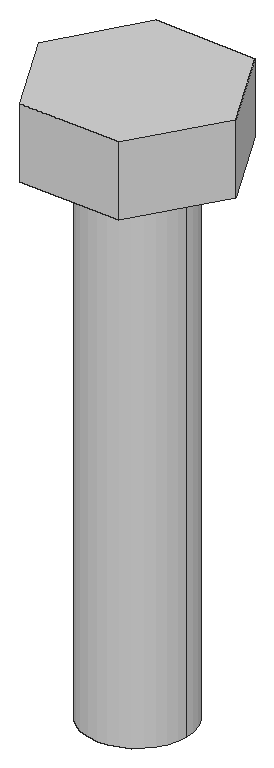
Revit family "HEXAGONAL SCREW M10x50 DIN933 8.8_9521592", category Generic Models, Revit 2018
Family settings
  Can host rebar = No
  Round Connector Dimension = Use Diameter
  Part Type = Normal
  OmniClass Number = 35.51.14.00
  OmniClass Title = FORMWORK
  Work Plane-Based = Yes
  Always vertical = No
  Cut with Voids When Loaded = No
  Shared = Yes
  Room Calculation Point = No
Parameters (values of type "HEXAGONAL SCREW M10x50 DIN933 8.8_9521592")
  VERSION = "20190101"  # constant formula
  URL = "www.ulmaconstruction.com/en"
  UNICLASS = ""
  Manufacturer = "ULMA CONSTRUCTION"  # constant formula
  ITEM_CODE = "9521592"
  FILTER [instance] = ""
  Default Elevation = 0.000 mm
  CLASSIFICATION_TITLE = ""
  CLASSIFICATION_NUMBER = ""
Reference planes
  plane 1 "Centro (Frontal/Posterior)": y = 0
  plane 2: z = 0
  plane 3 "Centro (Izquierda/Derecha)": x = 0
Forms (mm)
  Extrusion 1, solid, material "ULMA ZINC", detail levels fine
    sketch origin (0, 0, 0) x (1, 0, 0) y (0, 1, 0)
      loop
        line (4.907, 8.5) -> (-4.907, 8.5) -> (-9.815, 0) -> (-4.907, -8.5) -> (4.907, -8.5) -> (9.815, 0) -> (4.907, 8.5)
    from 0 to 7
  Extrusion 2, solid, material "ULMA ZINC", detail levels fine
    sketch origin (0, 0, 0) x (1, 0, 0) y (0, 1, 0)
      loop
        circle (0, 0) r 5
    from 0 to -50
Lines and regions (mm)
  model lines, style "ULMA BOLT", detail levels medium
    curve 1: line (4.907, 8.5, 0) -> (-4.907, 8.5, 0)
    curve 2: line (-9.815, 0, 0) -> (-4.907, 8.5, 0)
    curve 3: line (4.907, -8.5, 0) -> (9.815, 0, 0)
    curve 4: line (-4.907, -8.5, 0) -> (4.907, -8.5, 0)
    curve 5: line (4.907, 8.5, 0) -> (9.815, 0, 0)
    curve 6: line (-9.815, 0, 0) -> (-4.907, -8.5, 0)
    curve 7: line (0, 0, 0) -> (0, 0, -50)
Dimensions and locks
  aligned and locked: level to plane 2
